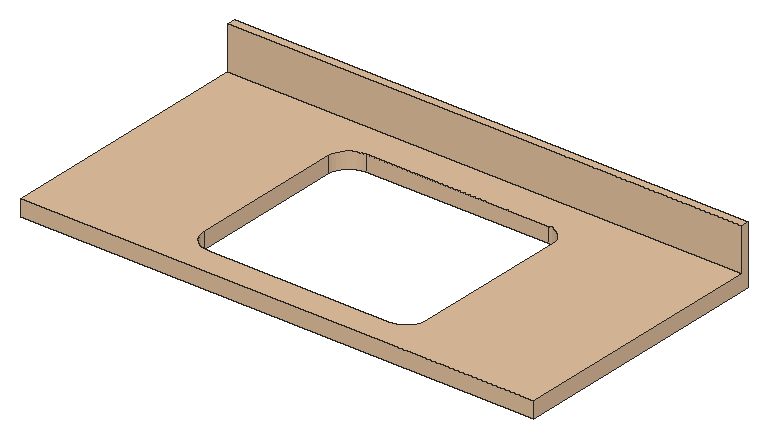
Revit family "6ec8af905c02433aa5bb7cc6910f6e96", category Casework, Revit 2021
Family settings
  OmniClass Number = 23.40.35.17.47.14
  OmniClass Title = Bathroom Casework
  Seek Item ID = Vanity Counter Top w Square Sink Hole-0000-USA-ENU
  Work Plane-Based = No
  Always vertical = Yes
  Cut with Voids When Loaded = No
  Shared = Yes
  Room Calculation Point = No
Parameters (values of type "24" Depth")
  Default Elevation = 0' - 0"
  Assembly Code = "C1030400"
  Counter Thickness = 0' - 1 1/2"
  Counter Top Material = none
  Depth = 2' - 1"
  Height = 2' - 7"
  Length [instance] = 4' - 0"
  Sink Location [instance] = 2' - 0"
  Sink Location To Wall [instance] = 0' - 4 1/2"
  Sink Opening Depth [instance] = 1' - 5 1/2"
  Sink Opening Width [instance] = 1' - 8"
Reference planes (in)
  plane 1 "Back": y = 0
  plane 2: z = 0
  plane 3 "Left": x = -49.9498
  plane 4 "Right": x = -1.9498
  plane 5 "Front": y = -25
  plane 6 "Top": z = 31
  plane 7 "Top Of Cabinet": z = 29.5
  plane 8: y = -0.75
  plane 9: z = 35
  plane 10: x = -25.9498
  plane 11: y = -4.5
  plane 12: x = -15.9498
  plane 13: y = -22
  plane 14: x = -35.9498
  plane 15: y = -4
  plane 16: x = -15.4498
  plane 17: y = -22.5
  plane 18: x = -36.4498
Forms (in)
  Extrusion 1, solid, material <- "Counter Top Material"
    sketch origin (0, 0, 0) x (1, 0, 0) y (0, 1, 0)
      loop
        line (-49.9498, 0) -> (-49.9498, -25) -> (-1.9498, -25) -> (-1.9498, 0) -> (-49.9498, 0)
    from 29.5 to 31
  Extrusion 2, solid, material <- "Counter Top Material"
    sketch origin (0, 0, 0) x (1, 0, 0) y (0, 1, 0)
      loop
        line (-1.9498, 0) -> (-49.9498, 0) -> (-49.9498, -0.75) -> (-1.9498, -0.75) -> (-1.9498, 0)
    from 31 to 35
  Extrusion 3, void
    sketch origin (0, 0, 0) x (1, 0, 0) y (0, 1, 0)
      loop
        line (-36.4498, -6) -> (-36.4498, -20.5)
        arc (-36.4498, -20.5) -> (-35.86401, -21.91421) -> (-34.4498, -22.5) r 2
        line (-34.4498, -22.5) -> (-17.4498, -22.5)
        arc (-17.4498, -22.5) -> (-16.03558, -21.91421) -> (-15.4498, -20.5) r 2
        line (-15.4498, -20.5) -> (-15.4498, -6)
        arc (-15.4498, -6) -> (-16.03558, -4.58579) -> (-17.4498, -4) r 2
        line (-17.4498, -4) -> (-34.4498, -4)
        arc (-34.4498, -4) -> (-35.86401, -4.58579) -> (-36.4498, -6) r 2
    from 29.5 to 31
Cuts and joins
  Extrusion 3 cuts Extrusion 1
  Extrusion 3 cuts Extrusion 2
  joined: Extrusion 1, Extrusion 2
Lines and regions (in)
  Masking region 1
    outline origin (0, 0, 29.5) x (-1, 0, 0) y (0, -1, 0)
      loop
        line (49.9498, 0) -> (49.9498, 25) -> (1.9498, 25) -> (1.9498, 0) -> (49.9498, 0)
  symbolic lines, style "Counter Top"
    curve 1: line (-49.9498, -0.75, 29.5) -> (-1.9498, -0.75, 29.5)
  symbolic lines, style "Sink Opening"
    curve 2: line (-33.9498, -4.5, 29.5) -> (-17.9498, -4.5, 29.5)
    curve 3: line (-35.9498, -20, 29.5) -> (-35.9498, -6.5, 29.5)
    curve 4: line (-17.9498, -22, 29.5) -> (-33.9498, -22, 29.5)
    curve 5: line (-15.9498, -6.5, 29.5) -> (-15.9498, -20, 29.5)
    curve 6: arc (-35.9498, -6.5, 29.5) -> (-35.36401, -5.08579, 29.5) -> (-33.9498, -4.5, 29.5) r 2
    curve 7: arc (-17.9498, -4.5, 29.5) -> (-16.53558, -5.08579, 29.5) -> (-15.9498, -6.5, 29.5) r 2
    curve 8: arc (-15.9498, -20, 29.5) -> (-16.53558, -21.41421, 29.5) -> (-17.9498, -22, 29.5) r 2
    curve 9: arc (-33.9498, -22, 29.5) -> (-35.36401, -21.41421, 29.5) -> (-35.9498, -20, 29.5) r 2
Dimensions and locks (in)
  "Depth": plane 5 "Front" to plane 1 "Back"
  "Length": plane 3 "Left" to plane 4 "Right"
  "Height": level to plane 6 "Top"
  "Counter Thickness": plane 7 "Top Of Cabinet" to plane 6 "Top"
  locked: plane 8 to plane 1 "Back" at 0.75
  plane 6 "Top" to plane 9 = 0' - 4"
  "Sink Opening Width": plane 14 to plane 12
  "Sink Opening Depth": plane 13 to plane 11
  "Sink Location": plane 3 "Left" to plane 10
  equal spacing: plane 14, plane 10, plane 12
  "Sink Location To Wall": plane 11 to plane 1 "Back"
  locked: plane 18 to plane 14 at 0.5
  locked: plane 12 to plane 16 at 0.5
  locked: plane 11 to plane 15 at 0.5
  locked: plane 13 to plane 17 at 0.5
  aligned and locked: Extrusion 1 sketch curve to plane 1 "Back"
  aligned and locked: plane 4 "Right" to Extrusion 1 sketch curve
  aligned and locked: plane 5 "Front" to Extrusion 1 sketch curve
  aligned and locked: Extrusion 1 sketch curve to plane 3 "Left"
  aligned and locked: plane 6 "Top" to Extrusion 1
  aligned and locked: Extrusion 1 to plane 7 "Top Of Cabinet"
  aligned and locked: plane 1 "Back" to Extrusion 2 sketch curve
  aligned and locked: Extrusion 2 sketch curve to plane 8
  aligned and locked: Extrusion 2 sketch curve to plane 4 "Right"
  aligned and locked: plane 3 "Left" to Extrusion 2 sketch curve
  aligned and locked: Extrusion 2 to plane 9
  aligned and locked: Extrusion 2 to plane 6 "Top"
  aligned and locked: plane 6 "Top" to Extrusion 3
  aligned and locked: Extrusion 1 to Extrusion 3
  aligned and locked: plane 18 to Extrusion 3 sketch curve
  aligned and locked: Extrusion 3 sketch curve to plane 15
  aligned and locked: plane 16 to Extrusion 3 sketch curve
  aligned and locked: plane 17 to Extrusion 3 sketch curve
  aligned and locked: plane 4 "Right" to Masking region 1 sketch curve
  aligned and locked: Masking region 1 sketch curve to plane 3 "Left"
  aligned and locked: Masking region 1 sketch curve to plane 1 "Back"
  aligned and locked: plane 5 "Front" to Masking region 1 sketch curve
Automatic sketch dimensions
  Extrusion 3 sketch curve to plane 14 = 0' - 1 1/2"  (x2)
  plane 12 to Extrusion 3 sketch curve = 0' - 1 1/2"
  plane 11 to Extrusion 3 sketch curve = 0' - 1 1/2"
  curve 1 to plane 4 "Right" = 0' - 0"
  curve 1 to plane 3 "Left" = 0' - 0"
  curve 1 to plane 8 = 0' - 0"
  curve 5 to plane 12 = 0' - 0"
  curve 8 to plane 13 = 0' - 0"
  curve 7 to plane 11 = 0' - 0"
  curve 6 to plane 14 = 0' - 0"
  plane 12 to curve 4 = 0' - 2"
  curve 5 to curve 7 = 0' - 2"
  curve 6 to plane 14 = 0' - 2"
  plane 13 to curve 9 = 0' - 2"
